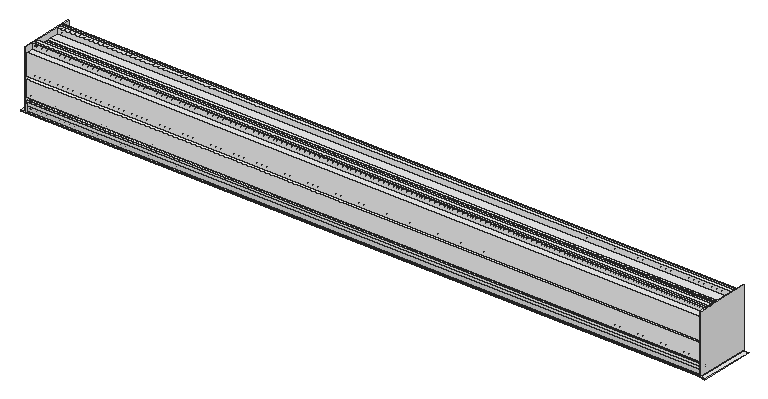
Revit family "MD3-AL4", category Lighting Fixtures, host Ceiling, Revit 2023
Family settings
  Host = Ceiling
  Round Connector Dimension = Use Diameter
  Part Type = Normal
  OmniClass Number = 23.80.70.11.14.11
  OmniClass Title = Downlights
  Always vertical = Yes
  Cut with Voids When Loaded = No
  Light Source = Yes
  Maintain Annotation Orientation = No
  Shared = No
  Room Calculation Point = No
Parameters (values of type "MD3AL4-48-LED840K045L_028LUNV (Exam Mode)")
  Width = 0' - 3 3/4"
  Wattage = 62.5 W
  built-in parameter 1150110 = 1 (stored number, unit not read)
  Voltage = 120 V
  URL = "https://www.viscor.com/en/products/md3-al4"
  built-in parameter 1114217 = 0.9 (stored number, unit not read)
  Tilt Angle = 90.00°
  built-in parameter 1150109 = 1 (stored number, unit not read)
  built-in parameter 1150134 = 12
  built-in parameter 1150113 = 1 (stored number, unit not read)
  Photometric Web File = "MD3AL4-48-LED840K045L_028LUNV (Exam Mode).ies"
  Model = "MD3-AL4"  # constant formula
  Manufacturer = "CERTOLUX by VISCOR"  # constant formula
  Lumens = 7411.88 lm
  built-in parameter 1150115 = 1 (stored number, unit not read)
  built-in parameter 1150105 = 589.82 (stored number, unit not read)
  built-in parameter 1150137 = (empty or 0)
  built-in parameter 1150139 = (empty or 0)
  Lens Finsih = Polycarbonate - Viscor - Frosted
  Length = 3' - 11 11/16"
  Lamp Wattage = 62.5 VA
  built-in parameter 1150112 = 1 (stored number, unit not read)
  built-in parameter 1150114 = 1 (stored number, unit not read)
  Lamp = "LED"  # constant formula
  built-in parameter 1150132 = (empty or 0)
  built-in parameter 1150102 = (empty or 0)
  built-in parameter 1150138 = (empty or 0)
  built-in parameter 1150107 = 4000 (stored number, unit not read)
  built-in parameter 1150106 = 5.8982 (stored number, unit not read)
  Housing Finish = Metal - Viscor - White
  Emit from Line Length = Length  # 3' - 11 11/16"
  built-in parameter 1150104 = 11.017 (stored number, unit not read)
  Dimming Lamp Color Temperature Shift = <None>
  Description = "LED Recessed Medical Patient Ambient Exam Troffer "  # constant formula
  Default Elevation = 0' - 0"
  Color Filter = 16777215
  built-in parameter 1114218 = 1 (stored number, unit not read)
  built-in parameter 1150133 = 10 (stored number, unit not read)
  Assembly Code = "D5020200"
  Apparent Load = Lamp Wattage  # 62.5 VA
Types (8): name | Wattage | Photometric Web File | Lumens | built-in parameter 1150105 | Lamp Wattage | built-in parameter 1150106 | built-in parameter 1150104 | Apparent Load
  (no name) | 62.5 W | "MD3AL4-48-LED840K045L_028LUNV (Exam Mode).ies" | 7411.88 lm | 589.82 (stored number, unit not read) | 62.5 VA | 5.8982 (stored number, unit not read) | 11.017 (stored number, unit not read) | 62.5 VA
  MD3AL4-48-LED840K035LUNV (Ambient Mode) | 29.2 W | "Copy_MD3AL4-48-LED840K035LUNV (Ambient Mode).ies" | 3522.98 lm | 280.35 (stored number, unit not read) | 29.2 VA | 2.8035 (stored number, unit not read) | 11.209 (stored number, unit not read) | 29.2 VA
  MD3AL4-48-LED840K040LUNV (Ambient Mode) | 33.9 W | "Copy_MD3AL4-48-LED840K040LUNV (Ambient Mode).ies" | 4035.8 lm | 321.16 (stored number, unit not read) | 33.9 VA | 3.2116 (stored number, unit not read) | 11.06 (stored number, unit not read) | 33.9 VA
  MD3AL4-48-LED840K045LUNV (Ambient Mode) | 37.5319 W | "Copy_MD3AL4-48-LED840K045LUNV (Ambient Mode).ies" | 4553 lm | 362.32 (stored number, unit not read) | 37.5 VA | 3.6232 (stored number, unit not read) | 11.27 (stored number, unit not read) | 37.5 VA
  MD3AL4-48-LED840K010LUNV (Reading) | 9.34 W | "MD3AL4-48-LED840K010LUNV (Reading).IES" | 992.188 lm | 78.956 (stored number, unit not read) | 9.34 VA | 0.78956 (stored number, unit not read) | 9.8691 (stored number, unit not read) | 9.34 VA
  MD3AL4-48-LED840K045L_010LUNV (Reading Mode) | 46.84 W | "MD3AL4-48-LED840K045L_010LUNV (Reading Mode).ies" | 5544.92 lm | 441.25 (stored number, unit not read) | 46.84 VA | 4.4125 (stored number, unit not read) | 10.998 (stored number, unit not read) | 46.84 VA
  MD3AL4-48-LED840K045L_024LUNV (Exam Mode) | 58.5 W | "MD3AL4-48-LED840K045L_024LUNV (Exam Mode).ies" | 6983.73 lm | 555.75 (stored number, unit not read) | 58.5 VA | 5.5575 (stored number, unit not read) | 11.091 (stored number, unit not read) | 58.5 VA
  MD3AL4-48-LED840K045L_028LUNV (Exam Mode) | 62.5 W | "MD3AL4-48-LED840K045L_028LUNV (Exam Mode).ies" | 7411.88 lm | 589.82 (stored number, unit not read) | 62.5 VA | 5.8982 (stored number, unit not read) | 11.017 (stored number, unit not read) | 62.5 VA
Reference planes (in)
  plane 1 "Light Source Axis (F/B)": y = 0
  plane 2 "Ceiling": z = 96
  plane 3 "Light Source Axis (L/R)": x = 0
  plane 4 "Light Source Elevation": z = 95.75
  plane 5: x = -23.84375
  plane 6: x = 23.84375
  plane 7: y = 1.875
  plane 8: y = -1.875
  plane 9: x = -23.50475
  plane 10: x = 23.50475
  plane 11: x = -23.4735
  plane 12: x = 23.4735
Forms (in)
  Extrusion 1, solid, material "Metal - Viscor - White" <- "Housing Finish"
    sketch origin (0, 0, 0.04688) x (0, 1, 0) y (0, 0, 1)
      loop
        line (0.12244, 99.73772) -> (-0.00158, 99.71838) -> (-0.12244, 99.73772) -> (-0.17829, 99.71873) -> (-0.859, 99.71812) -> (-0.859, 100.07813) -> (-1.11086, 100.07813) -> (-1.16081, 99.82743)
        arc (-1.16081, 99.82743) -> (-1.195, 99.71813) -> (-1.22919, 99.82743) r 0.06
        line (-1.22919, 99.82743) -> (-1.27914, 100.07813) -> (-1.333, 100.07813) -> (-1.333, 99.71813) -> (-1.825, 99.71813) -> (-1.825, 98.23627) -> (-1.65552, 98.18949)
        arc (-1.65552, 98.18949) -> (-1.545, 98.15713) -> (-1.65552, 98.12476) r 0.06
        line (-1.65552, 98.12476) -> (-1.825, 98.07798) -> (-1.825, 96.92027) -> (-1.65552, 96.87349)
        arc (-1.65552, 96.87349) -> (-1.545, 96.84113) -> (-1.65552, 96.80876) r 0.06
        line (-1.65552, 96.80876) -> (-1.825, 96.76198) -> (-1.825, 96.60007)
        arc (-1.825, 96.60007) -> (-1.8187, 96.47994) -> (-1.79989, 96.36113) r 1.14925
        line (-1.79989, 96.36113) -> (-1.72974, 96.03113) -> (-1.825, 96.03113) -> (-1.825, 95.95313) -> (-1.53, 95.95313)
        arc (-1.53, 95.95313) -> (-1.50879, 95.96191) -> (-1.5, 95.98313) r 0.03
        line (-1.5, 95.98313) -> (-1.5, 96.03113) -> (-1.65, 96.03113) -> (-1.72359, 96.37734)
        arc (-1.72359, 96.37734) -> (-1.74113, 96.48809) -> (-1.747, 96.60007) r 1.07125
        line (-1.747, 96.60007) -> (-1.747, 96.70313) -> (-1.33, 96.70313) -> (-1.33, 96.78113) -> (-1.48073, 96.78113)
        arc (-1.48073, 96.78113) -> (-1.48919, 96.91617) -> (-1.609, 96.97907) r 0.138
        line (-1.609, 96.97907) -> (-1.609, 97.05913) -> (-1.687, 97.05913) -> (-1.687, 96.97913) -> (-1.747, 96.97913) -> (-1.747, 98.01913) -> (-1.687, 98.01913) -> (-1.687, 97.92913) -> (-1.63271, 97.92913) -> (-1.52301, 97.73912) -> (-1.47637, 97.76605) -> (-1.54629, 97.93544) -> (-1.58054, 97.99475)
        arc (-1.58054, 97.99475) -> (-1.58171, 98.01235) -> (-1.5685, 98.02404) r 0.02
        arc (-1.5685, 98.02404) -> (-1.536, 98.03761) -> (-1.50799, 98.05898) r 0.138
        arc (-1.50799, 98.05898) -> (-1.49126, 98.06457) -> (-1.47661, 98.05475) r 0.02
        line (-1.47661, 98.05475) -> (-1.44237, 97.99544) -> (-1.33063, 97.85019) -> (-1.28399, 97.87712) -> (-1.48549, 98.22613)
        arc (-1.48549, 98.22613) -> (-1.536, 98.27664) -> (-1.605, 98.29513) r 0.138
        line (-1.605, 98.29513) -> (-1.747, 98.29513) -> (-1.747, 98.37513) -> (-1.697, 98.37513) -> (-1.697, 98.45313) -> (-1.747, 98.45313) -> (-1.747, 99.49213) -> (-1.697, 99.49213) -> (-1.697, 99.57013) -> (-1.747, 99.57013) -> (-1.747, 99.64013) -> (-1.087, 99.64013) -> (-1.057, 99.67012) -> (-1.057, 99.88179) -> (-1.057, 100.00012) -> (-0.937, 100.00012) -> (-0.937, 99.88179) -> (-0.937, 99.67012) -> (-0.907, 99.64013) -> (0.907, 99.64013) -> (0.937, 99.67012) -> (0.937, 99.88179) -> (0.937, 100.00012) -> (1.057, 100.00012) -> (1.057, 99.88179) -> (1.057, 99.67012) -> (1.087, 99.64013) -> (1.747, 99.64013) -> (1.747, 99.57013) -> (1.697, 99.57013) -> (1.697, 99.49213) -> (1.747, 99.49213) -> (1.747, 98.45313) -> (1.697, 98.45313) -> (1.697, 98.37513) -> (1.747, 98.37513) -> (1.747, 98.29513) -> (1.605, 98.29513)
        arc (1.605, 98.29513) -> (1.536, 98.27664) -> (1.48549, 98.22613) r 0.138
        line (1.48549, 98.22613) -> (1.28399, 97.87712) -> (1.33063, 97.85019) -> (1.44237, 97.99544) -> (1.47661, 98.05475)
        arc (1.47661, 98.05475) -> (1.49126, 98.06457) -> (1.50799, 98.05898) r 0.02
        arc (1.50799, 98.05898) -> (1.536, 98.03761) -> (1.5685, 98.02404) r 0.138
        arc (1.5685, 98.02404) -> (1.58171, 98.01235) -> (1.58054, 97.99475) r 0.02
        line (1.58054, 97.99475) -> (1.54629, 97.93544) -> (1.47637, 97.76605) -> (1.52301, 97.73912) -> (1.63271, 97.92913) -> (1.687, 97.92913) -> (1.687, 98.01913) -> (1.747, 98.01913) -> (1.747, 96.97913) -> (1.687, 96.97913) -> (1.687, 97.05913) -> (1.609, 97.05913) -> (1.609, 96.97907)
        arc (1.609, 96.97907) -> (1.48919, 96.91617) -> (1.48073, 96.78113) r 0.138
        line (1.48073, 96.78113) -> (1.33, 96.78113) -> (1.33, 96.70313) -> (1.747, 96.70313) -> (1.747, 96.60007)
        arc (1.747, 96.60007) -> (1.74113, 96.48809) -> (1.72359, 96.37734) r 1.07125
        line (1.72359, 96.37734) -> (1.65, 96.03113) -> (1.5, 96.03113) -> (1.5, 95.98313)
        arc (1.5, 95.98313) -> (1.50879, 95.96191) -> (1.53, 95.95313) r 0.03
        line (1.53, 95.95313) -> (1.825, 95.95313) -> (1.825, 96.03113) -> (1.72974, 96.03113) -> (1.79989, 96.36113)
        arc (1.79989, 96.36113) -> (1.8187, 96.47994) -> (1.825, 96.60007) r 1.14925
        line (1.825, 96.60007) -> (1.825, 96.76198) -> (1.65552, 96.80876)
        arc (1.65552, 96.80876) -> (1.545, 96.84113) -> (1.65552, 96.87349) r 0.06
        line (1.65552, 96.87349) -> (1.825, 96.92027) -> (1.825, 98.07798) -> (1.65552, 98.12476)
        arc (1.65552, 98.12476) -> (1.545, 98.15713) -> (1.65552, 98.18949) r 0.06
        line (1.65552, 98.18949) -> (1.825, 98.23627) -> (1.825, 99.71813) -> (1.333, 99.71813) -> (1.333, 100.07813) -> (1.27914, 100.07813) -> (1.22919, 99.82743)
        arc (1.22919, 99.82743) -> (1.195, 99.71813) -> (1.16081, 99.82743) r 0.06
        line (1.16081, 99.82743) -> (1.11086, 100.07813) -> (0.859, 100.07813) -> (0.859, 99.71812) -> (0.17829, 99.71873) -> (0.12744, 99.73724)
    from -23.4735 to 23.4735
  Extrusion 2, solid, material "Metal - Viscor - White" <- "Housing Finish"
    sketch origin (0, 0, 0) x (1, 0, 0) y (0, 0, 1)
      loop
        line (-23.469, 96) -> (-23.469, 100.125) -> (-23.505, 100.125) -> (-23.505, 96.075)
        arc (-23.505, 96.075) -> (-23.51642, 96.04742) -> (-23.544, 96.036) r 0.039
        line (-23.544, 96.036) -> (-23.844, 96.036) -> (-23.844, 96) -> (-23.469, 96)
    from -1.875 to 1.875
  Extrusion 3, solid, material "Metal - Viscor - White" <- "Housing Finish"
    sketch origin (0, 0, 0) x (-1, 0, 0) y (0, 0, -1)
      loop
        line (-23.469, -96) -> (-23.844, -96) -> (-23.844, -96.036) -> (-23.544, -96.036)
        arc (-23.544, -96.036) -> (-23.51642, -96.04742) -> (-23.505, -96.075) r 0.039
        line (-23.505, -96.075) -> (-23.505, -100.125) -> (-23.469, -100.125) -> (-23.469, -96)
    from -1.875 to 1.875
  Extrusion 4, solid, material "Polycarbonate - Viscor - Frosted" <- "Lens Finsih"
    sketch origin (0, 0, 0.07422) x (0, 1, 0) y (0, 0, 1)
      loop
        line (1.49923, 95.96515) -> (1.46765, 96.10192) -> (1.57366, 96.03568)
        arc (1.57366, 96.03568) -> (1.615, 96.04523) -> (1.60545, 96.08657) r 0.03
        line (1.60545, 96.08657) -> (1.44857, 96.1846) -> (1.39967, 96.3964) -> (1.54151, 96.50722)
        arc (1.54151, 96.50722) -> (1.54668, 96.54933) -> (1.50457, 96.5545) r 0.03
        line (1.50457, 96.5545) -> (1.37901, 96.4564) -> (1.326, 96.4564)
        arc (1.326, 96.4564) -> (1.30521, 96.45268) -> (1.287, 96.44199) r 0.06
        arc (1.287, 96.44199) -> (1.248, 96.4564) -> (1.209, 96.44199) r 0.06
        arc (1.209, 96.44199) -> (1.17, 96.4564) -> (1.131, 96.44199) r 0.06
        arc (1.131, 96.44199) -> (1.092, 96.4564) -> (1.053, 96.44199) r 0.06
        arc (1.053, 96.44199) -> (1.014, 96.4564) -> (0.975, 96.44199) r 0.06
        arc (0.975, 96.44199) -> (0.936, 96.4564) -> (0.897, 96.44199) r 0.06
        arc (0.897, 96.44199) -> (0.858, 96.4564) -> (0.819, 96.44199) r 0.06
        arc (0.819, 96.44199) -> (0.78, 96.4564) -> (0.741, 96.44199) r 0.06
        arc (0.741, 96.44199) -> (0.702, 96.4564) -> (0.663, 96.44199) r 0.06
        arc (0.663, 96.44199) -> (0.624, 96.4564) -> (0.585, 96.44199) r 0.06
        arc (0.585, 96.44199) -> (0.546, 96.4564) -> (0.507, 96.44199) r 0.06
        arc (0.507, 96.44199) -> (0.468, 96.4564) -> (0.429, 96.44199) r 0.06
        arc (0.429, 96.44199) -> (0.39, 96.4564) -> (0.351, 96.44199) r 0.06
        arc (0.351, 96.44199) -> (0.312, 96.4564) -> (0.273, 96.44199) r 0.06
        arc (0.273, 96.44199) -> (0.234, 96.4564) -> (0.195, 96.44199) r 0.06
        arc (0.195, 96.44199) -> (0.156, 96.4564) -> (0.117, 96.44199) r 0.06
        arc (0.117, 96.44199) -> (0.078, 96.4564) -> (0.039, 96.44199) r 0.06
        arc (0.039, 96.44199) -> (0, 96.4564) -> (-0.039, 96.44199) r 0.06
        arc (-0.039, 96.44199) -> (-0.078, 96.4564) -> (-0.117, 96.44199) r 0.06
        arc (-0.117, 96.44199) -> (-0.156, 96.4564) -> (-0.195, 96.44199) r 0.06
        arc (-0.195, 96.44199) -> (-0.234, 96.4564) -> (-0.273, 96.44199) r 0.06
        arc (-0.273, 96.44199) -> (-0.312, 96.4564) -> (-0.351, 96.44199) r 0.06
        arc (-0.351, 96.44199) -> (-0.39, 96.4564) -> (-0.429, 96.44199) r 0.06
        arc (-0.429, 96.44199) -> (-0.468, 96.4564) -> (-0.507, 96.44199) r 0.06
        arc (-0.507, 96.44199) -> (-0.546, 96.4564) -> (-0.585, 96.44199) r 0.06
        arc (-0.585, 96.44199) -> (-0.624, 96.4564) -> (-0.663, 96.44199) r 0.06
        arc (-0.663, 96.44199) -> (-0.702, 96.4564) -> (-0.741, 96.44199) r 0.06
        arc (-0.741, 96.44199) -> (-0.78, 96.4564) -> (-0.819, 96.44199) r 0.06
        arc (-0.819, 96.44199) -> (-0.858, 96.4564) -> (-0.897, 96.44199) r 0.06
        arc (-0.897, 96.44199) -> (-0.936, 96.4564) -> (-0.975, 96.44199) r 0.06
        arc (-0.975, 96.44199) -> (-1.014, 96.4564) -> (-1.053, 96.44199) r 0.06
        arc (-1.053, 96.44199) -> (-1.092, 96.4564) -> (-1.131, 96.44199) r 0.06
        arc (-1.131, 96.44199) -> (-1.17, 96.4564) -> (-1.209, 96.44199) r 0.06
        arc (-1.209, 96.44199) -> (-1.248, 96.4564) -> (-1.287, 96.44199) r 0.06
        arc (-1.287, 96.44199) -> (-1.30521, 96.45268) -> (-1.326, 96.4564) r 0.06
        line (-1.326, 96.4564) -> (-1.37901, 96.4564) -> (-1.50457, 96.5545)
        arc (-1.50457, 96.5545) -> (-1.54668, 96.54933) -> (-1.54151, 96.50722) r 0.03
        line (-1.54151, 96.50722) -> (-1.39967, 96.3964) -> (-1.44857, 96.1846) -> (-1.60545, 96.08657)
        arc (-1.60545, 96.08657) -> (-1.615, 96.04523) -> (-1.57366, 96.03568) r 0.03
        line (-1.57366, 96.03568) -> (-1.46765, 96.10192) -> (-1.49923, 95.96515)
        arc (-1.49923, 95.96515) -> (-1.47675, 95.92917) -> (-1.44077, 95.95165) r 0.03
        line (-1.44077, 95.95165) -> (-1.33809, 96.3964) -> (1.33809, 96.3964) -> (1.44077, 95.95165)
        arc (1.44077, 95.95165) -> (1.47675, 95.92917) -> (1.49923, 95.96515) r 0.03
    from -23.4735 to 23.4735
  Extrusion 5, void
    sketch origin (0, 0, 96) x (1, 0, 0) y (0, 1, 0)
      loop
        line (-23.844, -1.875) -> (23.844, -1.875) -> (23.844, 1.875) -> (-23.844, 1.875) -> (-23.844, -1.875)
    from -0.09266 to 0
Cuts and joins
  Extrusion 5 cuts Extrusion 1
  Extrusion 5 cuts Extrusion 2
  Extrusion 5 cuts Extrusion 3
  Extrusion 5 cuts Extrusion 4
Dimensions and locks (in)
  equal spacing: host sketch curve, plane 3 "Light Source Axis (L/R)", host sketch curve
  equal spacing: host sketch curve, plane 1 "Light Source Axis (F/B)", host sketch curve
  host sketch curve to host sketch curve = 10' - 0"  (x2)
  equal spacing: plane 5, plane 3 "Light Source Axis (L/R)", plane 6
  "Length": plane 5 to plane 6
  equal spacing: plane 7, plane 1 "Light Source Axis (F/B)", plane 8
  "Width": plane 7 to plane 8
  plane 5 to plane 3 "Light Source Axis (L/R)" = 1' - 11 27/32"
  plane 7 to plane 1 "Light Source Axis (F/B)" = 0' - 1 7/8"
  plane 6 to plane 3 "Light Source Axis (L/R)" = 1' - 11 27/32"
  locked: plane 9 to plane 5 at 0.339
  locked: plane 10 to plane 6 at 0.339
  locked: plane 11 to plane 9 at 0.03125
  locked: plane 12 to plane 10 at 0.03125
  aligned and locked: plane 3 "Light Source Axis (L/R)" to imposter light
  aligned and locked: plane 1 "Light Source Axis (F/B)" to imposter light
  aligned and locked: plane 4 "Light Source Elevation" to imposter light
  aligned and locked: Extrusion 1 to plane 11
  aligned and locked: plane 12 to Extrusion 1
  aligned and locked: plane 7 to Extrusion 2
  aligned and locked: Extrusion 2 to plane 8
  aligned and locked: plane 7 to Extrusion 3
  aligned and locked: Extrusion 3 to plane 8
  aligned and locked: Extrusion 4 to plane 11
  aligned and locked: plane 12 to Extrusion 4
Automatic sketch dimensions
  Extrusion 1 sketch curve to Extrusion 1 sketch curve = 0' - 0"  (x29)
  plane 8 to Extrusion 1 sketch curve = 0' - 0.05"  (x4)
  plane 8 to Extrusion 1 sketch curve = 0' - 0.07511"
  plane 8 to Extrusion 1 sketch curve = 0' - 0.128"  (x2)
  Extrusion 1 sketch curve to Extrusion 1 sketch curve = 0' - 0.078"  (x16)
  plane 2 "Ceiling" to Extrusion 1 sketch curve = 0' - 0.078"  (x4)
  Extrusion 1 sketch curve to Extrusion 1 sketch curve = 0' - 0.09526"
  Extrusion 1 sketch curve to Extrusion 1 sketch curve = 0' - 0.0763"
  Extrusion 1 sketch curve to Extrusion 1 sketch curve = 0' - 0.05"  (x5)
  Extrusion 1 sketch curve to Extrusion 1 sketch curve = 0' - 0.06"  (x7)
  Extrusion 1 sketch curve to Extrusion 1 sketch curve = 0' - 0.09148"  (x2)
  Extrusion 1 sketch curve to Extrusion 1 sketch curve = 0' - 0.07974"  (x2)
  Extrusion 1 sketch curve to Extrusion 1 sketch curve = 0' - 0.05429"  (x2)
  Extrusion 1 sketch curve to Extrusion 1 sketch curve = 0' - 0.05052"  (x6)
  Extrusion 1 sketch curve to Extrusion 1 sketch curve = 0' - 0.05218"  (x2)
  Extrusion 1 sketch curve to Extrusion 1 sketch curve = 0' - 0.01732"  (x4)
  Extrusion 1 sketch curve to Extrusion 1 sketch curve = 0' - 0.03424"  (x3)
  plane 2 "Ceiling" to Extrusion 1 sketch curve = 0' - 0.03"  (x2)
  Extrusion 1 sketch curve to Extrusion 1 sketch curve = 0' - 0.12"  (x4)
  Extrusion 1 sketch curve to Extrusion 1 sketch curve = 0' - 0.02328"
  Extrusion 1 sketch curve to Extrusion 1 sketch curve = 0' - 0.03"  (x8)
  Extrusion 1 sketch curve to Extrusion 1 sketch curve = 0' - 0.06928"
  Extrusion 1 sketch curve to Extrusion 1 sketch curve = 0' - 0.11951"  (x2)
  Extrusion 1 sketch curve to Extrusion 1 sketch curve = 0' - 0.12427"  (x2)
  Extrusion 1 sketch curve to Extrusion 1 sketch curve = 0' - 0.04664"  (x4)
  Extrusion 1 sketch curve to Extrusion 1 sketch curve = 0' - 0.364"
  Extrusion 1 sketch curve to Extrusion 1 sketch curve = 0' - 0.14574"  (x2)
  Extrusion 1 sketch curve to Extrusion 1 sketch curve = 0' - 0.15073"  (x2)
  Extrusion 1 sketch curve to Extrusion 1 sketch curve = 0' - 0.05386"  (x3)
  Extrusion 1 sketch curve to Extrusion 1 sketch curve = 0' - 0.10381"  (x2)
  Extrusion 1 sketch curve to Extrusion 1 sketch curve = 0' - 0.03419"  (x4)
  Extrusion 1 sketch curve to Extrusion 1 sketch curve = 0' - 0.16828"  (x2)
  Extrusion 1 sketch curve to Extrusion 1 sketch curve = 0' - 0.108"
  Extrusion 1 sketch curve to Extrusion 1 sketch curve = 0' - 0.65425"
  plane 1 "Light Source Axis (F/B)" to Extrusion 1 sketch curve = 0' - 0.17829"
  Extrusion 1 sketch curve to Extrusion 1 sketch curve = 0' - 0.05585"  (x2)
  plane 1 "Light Source Axis (F/B)" to Extrusion 1 sketch curve = 0' - 0.00158"
  Extrusion 1 sketch curve to plane 1 "Light Source Axis (F/B)" = 0' - 0.17829"
  Extrusion 1 sketch curve to plane 1 "Light Source Axis (F/B)" = 0' - 0.67575"
  Extrusion 1 sketch curve to Extrusion 1 sketch curve = 0' - 0.68071"
  Extrusion 1 sketch curve to Extrusion 1 sketch curve = 0' - 0.048"
  Extrusion 1 sketch curve to plane 7 = 0' - 0.59101"
  Extrusion 1 sketch curve to plane 7 = 0' - 0.545"
  Extrusion 1 sketch curve to Extrusion 1 sketch curve = 0' - 0.138"
  Extrusion 1 sketch curve to Extrusion 1 sketch curve = 0' - 0.11174"
  Extrusion 1 sketch curve to Extrusion 1 sketch curve = 0' - 0.00888"
  Extrusion 1 sketch curve to plane 7 = 0' - 0 3/8"
  Extrusion 1 sketch curve to Extrusion 1 sketch curve = 0' - 0.10392"
  Extrusion 1 sketch curve to Extrusion 1 sketch curve = 0' - 0.01692"
  Extrusion 1 sketch curve to Extrusion 1 sketch curve = 0' - 0.004"
  Extrusion 1 sketch curve to plane 7 = 0' - 0.178"  (x2)
  Extrusion 1 sketch curve to plane 7 = 0' - 0.15141"
  Extrusion 1 sketch curve to plane 7 = 0' - 0.128"
  Extrusion 1 sketch curve to plane 7 = 0' - 0.07511"
  Extrusion 1 sketch curve to plane 7 = 0' - 0.05"  (x4)
  Extrusion 1 sketch curve to Extrusion 1 sketch curve = 0' - 0.33"  (x2)
  Extrusion 1 sketch curve to Extrusion 1 sketch curve = 0' - 0.10306"  (x2)
  Extrusion 1 sketch curve to Extrusion 1 sketch curve = 0' - 0.05886"  (x6)
  Extrusion 1 sketch curve to Extrusion 1 sketch curve = 0' - 0.10563"  (x4)
  Extrusion 1 sketch curve to Extrusion 1 sketch curve = 0' - 0.03237"  (x4)
  Extrusion 1 sketch curve to Extrusion 1 sketch curve = 0' - 0.15828"  (x2)
  Extrusion 1 sketch curve to Extrusion 1 sketch curve = 0' - 0.00006"  (x2)
  Extrusion 1 sketch curve to Extrusion 1 sketch curve = 0' - 0.08006"
  Extrusion 1 sketch curve to Extrusion 1 sketch curve = 0' - 0.08"  (x3)
  Extrusion 1 sketch curve to Extrusion 1 sketch curve = 0' - 0.67999"  (x2)
  Extrusion 1 sketch curve to Extrusion 1 sketch curve = 0' - 0.02693"  (x4)
  Extrusion 1 sketch curve to Extrusion 1 sketch curve = 0' - 0.08414"  (x2)
  Extrusion 1 sketch curve to Extrusion 1 sketch curve = 0' - 0.00632"  (x2)
  Extrusion 1 sketch curve to Extrusion 1 sketch curve = 0' - 0.05931"  (x2)
  Extrusion 1 sketch curve to Extrusion 1 sketch curve = 0' - 0.01"  (x4)
  Extrusion 1 sketch curve to Extrusion 1 sketch curve = 0' - 0.09"  (x2)
  Extrusion 1 sketch curve to Extrusion 1 sketch curve = 0' - 0.04931"  (x2)
  Extrusion 1 sketch curve to Extrusion 1 sketch curve = 0' - 1.039"  (x2)
  Extrusion 1 sketch curve to Extrusion 1 sketch curve = 0' - 0.07"  (x2)
  Extrusion 1 sketch curve to Extrusion 1 sketch curve = 0' - 0.07799"  (x2)
  Extrusion 1 sketch curve to Extrusion 1 sketch curve = 0' - 0.00026"
  Extrusion 1 sketch curve to Extrusion 1 sketch curve = 0' - 0.00035"  (x2)
  Extrusion 1 sketch curve to Extrusion 1 sketch curve = 0' - 0.01899"
  Extrusion 1 sketch curve to Extrusion 1 sketch curve = 0' - 0.0493"  (x2)
  Extrusion 1 sketch curve to Extrusion 1 sketch curve = 0' - 0.05436"  (x2)
  Extrusion 1 sketch curve to Extrusion 1 sketch curve = 0' - 0.16367"
  Extrusion 1 sketch curve to Extrusion 1 sketch curve = 0' - 0.11834"  (x2)
  Extrusion 1 sketch curve to Extrusion 1 sketch curve = 0' - 0.005"
  Extrusion 1 sketch curve to Extrusion 1 sketch curve = 0' - 0.01851"
  Extrusion 1 sketch curve to Extrusion 1 sketch curve = 0' - 0.00048"
  Extrusion 2 sketch curve to plane 2 "Ceiling" = 0' - 0"
  Extrusion 2 sketch curve to plane 5 = 0' - 0.00025"
  Extrusion 2 sketch curve to plane 9 = 0' - 0.03925"
  Extrusion 2 sketch curve to plane 9 = 0' - 0.00025"
  plane 11 to Extrusion 2 sketch curve = 0' - 0.0045"
  plane 2 "Ceiling" to Extrusion 2 sketch curve = 0' - 0.036"
  Extrusion 2 sketch curve to Extrusion 2 sketch curve = 0' - 4.05"
  Extrusion 3 sketch curve to plane 2 "Ceiling" = 0' - 0"
  plane 6 to Extrusion 3 sketch curve = 0' - 0.00025"
  plane 10 to Extrusion 3 sketch curve = 0' - 0.03925"
  plane 10 to Extrusion 3 sketch curve = 0' - 0.00025"
  Extrusion 3 sketch curve to plane 12 = 0' - 0.0045"
  plane 2 "Ceiling" to Extrusion 3 sketch curve = 0' - 0.036"
  Extrusion 3 sketch curve to Extrusion 3 sketch curve = 0' - 4.05"
  plane 2 "Ceiling" to Extrusion 4 sketch curve = 0' - 0.03262"
  Extrusion 4 sketch curve to plane 7 = 0' - 0.405"
  plane 2 "Ceiling" to Extrusion 4 sketch curve = 0' - 0.03936"
  Extrusion 4 sketch curve to Extrusion 4 sketch curve = 0' - 0.02923"  (x4)
  plane 2 "Ceiling" to Extrusion 4 sketch curve = 0' - 0.17614"  (x2)
  Extrusion 4 sketch curve to Extrusion 4 sketch curve = 0' - 0.03158"  (x2)
  Extrusion 4 sketch curve to Extrusion 4 sketch curve = 0' - 0.12956"
  Extrusion 4 sketch curve to Extrusion 4 sketch curve = 0' - 0.29447"
  plane 2 "Ceiling" to Extrusion 4 sketch curve = 0' - 0.1099"  (x2)
  Extrusion 4 sketch curve to Extrusion 4 sketch curve = 0' - 0.07443"  (x2)
  Extrusion 4 sketch curve to Extrusion 4 sketch curve = 0' - 0.0159"  (x4)
  Extrusion 4 sketch curve to Extrusion 4 sketch curve = 0' - 0.02544"  (x2)
  plane 2 "Ceiling" to Extrusion 4 sketch curve = 0' - 0.25882"  (x2)
  Extrusion 4 sketch curve to Extrusion 4 sketch curve = 0' - 0.01909"  (x2)
  Extrusion 4 sketch curve to Extrusion 4 sketch curve = 0' - 0.06158"  (x2)
  Extrusion 4 sketch curve to Extrusion 4 sketch curve = 0' - 0"  (x3)
  Extrusion 4 sketch curve to Extrusion 4 sketch curve = 0' - 0.14184"  (x2)
  Extrusion 4 sketch curve to Extrusion 4 sketch curve = 0' - 0.11082"  (x2)
  Extrusion 4 sketch curve to Extrusion 4 sketch curve = 0' - 0.01847"  (x4)
  Extrusion 4 sketch curve to Extrusion 4 sketch curve = 0' - 0.02364"  (x2)
  Extrusion 4 sketch curve to Extrusion 4 sketch curve = 0' - 0.02066"  (x2)
  Extrusion 4 sketch curve to Extrusion 4 sketch curve = 0' - 0.06"  (x2)
  plane 8 to Extrusion 4 sketch curve = 0' - 0.53691"
  plane 2 "Ceiling" to Extrusion 4 sketch curve = 0' - 0.02587"
  plane 8 to Extrusion 4 sketch curve = 0' - 0.43423"
  Extrusion 4 sketch curve to Extrusion 4 sketch curve = 0' - 0.00675"
  Extrusion 4 sketch curve to Extrusion 4 sketch curve = 0' - 0.05301"
  Extrusion 4 sketch curve to Extrusion 4 sketch curve = 0' - 0.039"  (x65)
  Extrusion 4 sketch curve to Extrusion 4 sketch curve = 0' - 0.0456"  (x33)
  plane 1 "Light Source Axis (F/B)" to Extrusion 4 sketch curve = 0' - 0.039"
  Extrusion 4 sketch curve to plane 1 "Light Source Axis (F/B)" = 0' - 0"
  Extrusion 4 sketch curve to plane 1 "Light Source Axis (F/B)" = 0' - 0.039"
  plane 7 to Extrusion 5 sketch curve = 0' - 0"
  Extrusion 5 sketch curve to plane 8 = 0' - 0"
  Extrusion 5 sketch curve to plane 5 = 0' - 0.00025"
  plane 6 to Extrusion 5 sketch curve = 0' - 0.00025"
Connectors (in)
  electrical at (0, 0, 95.75), driven by "Voltage", driven by "Lamp Wattage"
    settings: index 1, voltage 120 V, apparent load 0 VA, apparent load phase1 62.5 VA, apparent load phase2 0 VA, apparent load phase3 0 VA, power factor 1, load classification "Other", number of poles 1, system type 31, power factor state 1, is connector primary yes, connector utility no, sub classification motor no, connector description ""
